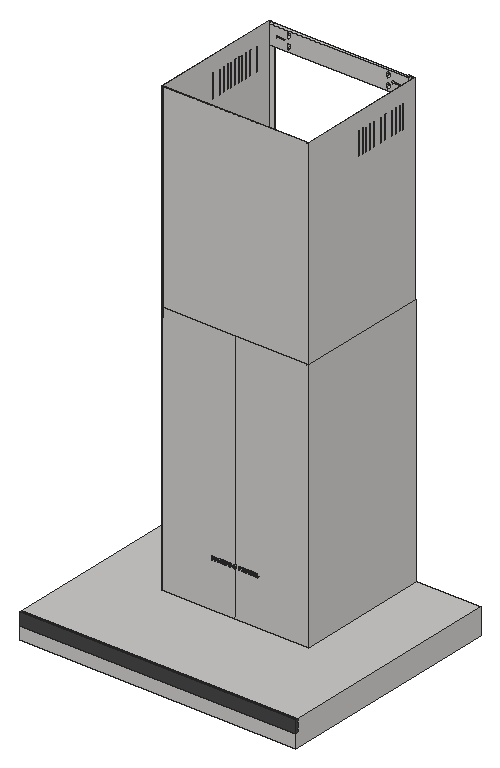
Revit family "FP_Revit_18_HC60DCXB1_Rangehood_90001852A", category Specialty Equipment, Revit 2018
Family settings
  Round Connector Dimension = Use Diameter
  Part Type = Normal
  OmniClass Number = 23.40.40.00
  OmniClass Title = Food Service Equipment and Furnishings
  Work Plane-Based = No
  Always vertical = Yes
  Cut with Voids When Loaded = Yes
  Shared = No
  Room Calculation Point = No
Parameters
  Visibility - Upper Chimney Extension [instance] = yes
  URL = "www.fisherpaykel.com"
  Product - Width = 598 mm  # constant formula
  Product - Height (595mm - 1035mm) [instance] = 1035 mm
  Product - Depth = 500 mm  # constant formula
  Model = "HC60DCXB1"
  Material - Display Panel = Fisher & Paykel - Black
  Material - Body = Fisher & Paykel - Stainless Steel
  Manufacturer = "Fisher & Paykel Appliances"
  FFL Offset [instance] = 1565 mm
  Description = "60cm Rangehood"
  Connector Description - Extraction = "150mm Semi Rigid Rangehood Ducting, 800m³/hr"
  Connector Description - Electrical = "220-240 V, 50 Hz, 370 W"
  Chassis - Width = 320 mm  # constant formula
  Chassis - Height = 604 mm  # constant formula
  Chassis - Depth = 291 mm  # constant formula
Reference planes
  plane 1 "Datum": y = 0
  plane 2: z = 0
  plane 3 "Center (Left/Right)": x = 0
  plane 4 "Product - Height": z = 2600
  plane 5 "Product LHS": x = -299
  plane 6 "Product RHS": x = 299
  plane 7 "Product - Depth": y = -500
  plane 8 "Cavity LHS": x = -160
  plane 9 "Cavity RHS": x = 160
  plane 10 "Chassis - Depth": y = -291
  plane 11 "FFL Offset": z = 1565
Forms (mm)
  Extrusion 1, solid, material "Fisher & Paykel - Stainless Steel" <- "Material - Body"
    sketch origin (0, 0, 0) x (1, 0, 0) y (0, 1, 0)
      loop
        line (-145, 0) -> (-160, 0) -> (-160, -291) -> (0, -291) -> (160, -291) -> (160, 0) -> (145, 0) -> (145, -1) -> (159, -1) -> (159, -290) -> (-159, -290) -> (-159, -1) -> (-145, -1) -> (-145, 0)
    from 1620 to 2169
  Extrusion 2, solid, material "Fisher & Paykel - Stainless Steel" <- "Material - Body", visible <- "Visibility - Upper Chimney Extension"
    sketch origin (0, 0, 0) x (1, 0, 0) y (0, 1, 0)
      loop
        line (-158, -3) -> (-145, -3) -> (-145, -2) -> (-159, -2) -> (-159, -290) -> (159, -290) -> (159, -2) -> (145, -2) -> (145, -3) -> (158, -3) -> (158, -289.044) -> (-158, -289.044) -> (-158, -3)
    from 2149 to 2600
  Extrusion 3, solid, material "Fisher & Paykel - Stainless Steel" <- "Material - Body"
    sketch origin (0, 0, 0) x (1, 0, 0) y (0, 1, 0)
      loop
        line (-299, 0) -> (-299, -500) -> (299, -500) -> (299, 0) -> (-299, 0)
    from 1565 to 1620
  Extrusion 4, void
    sketch origin (0, 0, 0) x (0, 1, 0) y (0, 0, 1)
      loop
        line (-500, 1620) -> (-500, 1592.5) -> (-495, 1592.5) -> (-495, 1620) -> (-500, 1620)
    from -299 to 299
  Extrusion 5, solid, material "Fisher & Paykel - Black" <- "Material - Display Panel", detail levels medium+fine
    sketch origin (0, 0, 1000) x (0, 1, 0) y (0, 0, 1)
      loop
        line (-495, 592.5) -> (-495, 620) -> (-500, 620) -> (-500, 592.5) -> (-495, 592.5)
    from -299 to 299
  Extrusion 6, solid, material "Fisher & Paykel - Stainless Steel" <- "Material - Body"
    sketch origin (0, 0, 0) x (1, 0, 0) y (0, 1, 0)
      loop
        line (159, -1) -> (-159, -1) -> (-159, -290) -> (159, -290) -> (159, -1)
    from 1620 to 1838
  Extrusion 7, solid, material "Fisher & Paykel - Stainless Steel" <- "Material - Body"
    sketch origin (0, 0, 0) x (1, 0, 0) y (0, 1, 0)
      loop
        circle (0, -105) r 75
      loop
        circle (0, -105) r 73
    from 1838 to 1970.269
  Extrusion 8, solid, material "Fisher & Paykel - Stainless Steel" <- "Material - Body"
    sketch origin (0, 0, 0) x (1, 0, 0) y (0, 0, 1)
      loop
        line (-145, 1860) -> (-145, 1838) -> (145, 1838) -> (145, 1860) -> (-145, 1860)
      loop
        line (-127.5, 1851) -> (-127.5, 1849.33)
        arc (-127.5, 1849.33) -> (-125, 1840) -> (-122.5, 1849.33) r 5
        line (-122.5, 1849.33) -> (-122.5, 1851)
        arc (-122.5, 1851) -> (-125, 1853.5) -> (-127.5, 1851) r 2.5
      loop
        line (122.5, 1851) -> (122.5, 1849.33)
        arc (122.5, 1849.33) -> (125, 1840) -> (127.5, 1849.33) r 5
        line (127.5, 1849.33) -> (127.5, 1851)
        arc (127.5, 1851) -> (125, 1853.5) -> (122.5, 1851) r 2.5
    from 0 to 2
  Extrusion 9, solid, material "Fisher & Paykel - Stainless Steel" <- "Material - Body", visible <- "Visibility - Upper Chimney Extension"
    sketch origin (0, 0, 0) x (1, 0, 0) y (0, 0, 1)
      loop
        line (-150, 2558.811) -> (150, 2558.811) -> (150, 2600) -> (-150, 2600) -> (-150, 2558.811)
      loop
        line (104, 2592.5) -> (104, 2588.5)
        arc (104, 2588.5) -> (108, 2584.5) -> (112, 2588.5) r 4
        line (112, 2588.5) -> (112, 2592.5)
        arc (112, 2592.5) -> (108, 2596.5) -> (104, 2592.5) r 4
      loop
        arc (112, 2571.5) -> (108, 2575.5) -> (104, 2571.5) r 4
        line (104, 2571.5) -> (104, 2566.794)
        arc (104, 2566.794) -> (108, 2563.544) -> (112, 2566.794) r 4.087
        line (112, 2566.794) -> (112, 2571.5)
      loop
        arc (117.5, 2582.5) -> (115, 2580) -> (117.5, 2577.5) r 2.5
        line (117.5, 2577.5) -> (132.5, 2577.5)
        arc (132.5, 2577.5) -> (135, 2580) -> (132.5, 2582.5) r 2.5
        line (132.5, 2582.5) -> (117.5, 2582.5)
      loop
        arc (-104, 2592.5) -> (-108, 2596.5) -> (-112, 2592.5) r 4
        line (-112, 2592.5) -> (-112, 2588.5)
        arc (-112, 2588.5) -> (-108, 2584.5) -> (-104, 2588.5) r 4
        line (-104, 2588.5) -> (-104, 2592.5)
      loop
        line (-112, 2571.5) -> (-112, 2566.794)
        arc (-112, 2566.794) -> (-108, 2563.544) -> (-104, 2566.794) r 4.087
        line (-104, 2566.794) -> (-104, 2571.5)
        arc (-104, 2571.5) -> (-108, 2575.5) -> (-112, 2571.5) r 4
      loop
        line (-117.5, 2582.5) -> (-132.5, 2582.5)
        arc (-132.5, 2582.5) -> (-135, 2580) -> (-132.5, 2577.5) r 2.5
        line (-132.5, 2577.5) -> (-117.5, 2577.5)
        arc (-117.5, 2577.5) -> (-115, 2580) -> (-117.5, 2582.5) r 2.5
    from 3 to 9
  Extrusion 10, void
    sketch origin (0, 0, 0) x (0, 1, 0) y (0, 0, 1)
      loop
        line (-157, 2564.417) -> (-157, 2514.417)
        arc (-157, 2514.417) -> (-154.5, 2511.917) -> (-152, 2514.417) r 2.5
        line (-152, 2514.417) -> (-152, 2564.417)
        arc (-152, 2564.417) -> (-154.5, 2566.917) -> (-157, 2564.417) r 2.5
      loop
        line (-147, 2564.417) -> (-147, 2514.417)
        arc (-147, 2514.417) -> (-144.5, 2511.917) -> (-142, 2514.417) r 2.5
        line (-142, 2514.417) -> (-142, 2564.417)
        arc (-142, 2564.417) -> (-144.5, 2566.917) -> (-147, 2564.417) r 2.5
      loop
        line (-137, 2564.417) -> (-137, 2514.417)
        arc (-137, 2514.417) -> (-134.5, 2511.917) -> (-132, 2514.417) r 2.5
        line (-132, 2514.417) -> (-132, 2564.417)
        arc (-132, 2564.417) -> (-134.5, 2566.917) -> (-137, 2564.417) r 2.5
      loop
        line (-127, 2564.417) -> (-127, 2514.417)
        arc (-127, 2514.417) -> (-124.5, 2511.917) -> (-122, 2514.417) r 2.5
        line (-122, 2514.417) -> (-122, 2564.417)
        arc (-122, 2564.417) -> (-124.5, 2566.917) -> (-127, 2564.417) r 2.5
      loop
        line (-117, 2564.417) -> (-117, 2514.417)
        arc (-117, 2514.417) -> (-114.5, 2511.917) -> (-112, 2514.417) r 2.5
        line (-112, 2514.417) -> (-112, 2564.417)
        arc (-112, 2564.417) -> (-114.5, 2566.917) -> (-117, 2564.417) r 2.5
      loop
        line (-107, 2564.417) -> (-107, 2514.417)
        arc (-107, 2514.417) -> (-104.5, 2511.917) -> (-102, 2514.417) r 2.5
        line (-102, 2514.417) -> (-102, 2564.417)
        arc (-102, 2564.417) -> (-104.5, 2566.917) -> (-107, 2564.417) r 2.5
      loop
        line (-97, 2564.417) -> (-97, 2514.417)
        arc (-97, 2514.417) -> (-94.5, 2511.917) -> (-92, 2514.417) r 2.5
        line (-92, 2514.417) -> (-92, 2564.417)
        arc (-92, 2564.417) -> (-94.5, 2566.917) -> (-97, 2564.417) r 2.5
      loop
        line (-87, 2564.417) -> (-87, 2514.417)
        arc (-87, 2514.417) -> (-84.5, 2511.917) -> (-82, 2514.417) r 2.5
        line (-82, 2514.417) -> (-82, 2564.417)
        arc (-82, 2564.417) -> (-84.5, 2566.917) -> (-87, 2564.417) r 2.5
      loop
        line (-77, 2564.417) -> (-77, 2514.417)
        arc (-77, 2514.417) -> (-74.5, 2511.917) -> (-72, 2514.417) r 2.5
        line (-72, 2514.417) -> (-72, 2564.417)
        arc (-72, 2564.417) -> (-74.5, 2566.917) -> (-77, 2564.417) r 2.5
      loop
        line (-67, 2564.417) -> (-67, 2514.417)
        arc (-67, 2514.417) -> (-64.5, 2511.917) -> (-62, 2514.417) r 2.5
        line (-62, 2514.417) -> (-62, 2564.417)
        arc (-62, 2564.417) -> (-64.5, 2566.917) -> (-67, 2564.417) r 2.5
      loop
        line (-57, 2564.417) -> (-57, 2514.417)
        arc (-57, 2514.417) -> (-54.5, 2511.917) -> (-52, 2514.417) r 2.5
        line (-52, 2514.417) -> (-52, 2564.417)
        arc (-52, 2564.417) -> (-54.5, 2566.917) -> (-57, 2564.417) r 2.5
      loop
        line (-47, 2564.417) -> (-47, 2514.417)
        arc (-47, 2514.417) -> (-44.5, 2511.917) -> (-42, 2514.417) r 2.5
        line (-42, 2514.417) -> (-42, 2564.417)
        arc (-42, 2564.417) -> (-44.5, 2566.917) -> (-47, 2564.417) r 2.5
      loop
        line (-37, 2564.417) -> (-37, 2514.417)
        arc (-37, 2514.417) -> (-34.5, 2511.917) -> (-32, 2514.417) r 2.5
        line (-32, 2514.417) -> (-32, 2564.417)
        arc (-32, 2564.417) -> (-34.5, 2566.917) -> (-37, 2564.417) r 2.5
    from -159 to 159
  Extrusion 11, solid, material "Fisher & Paykel - Stainless Steel" <- "Material - Body"
    sketch origin (0, 0, 0) x (1, 0, 0) y (0, 0, 1)
      loop
        line (145, 2141) -> (-145, 2141) -> (-145, 2101) -> (145, 2101) -> (145, 2141)
      loop
        line (125, 2123.5) -> (110, 2123.5)
        arc (110, 2123.5) -> (107.5, 2121) -> (110, 2118.5) r 2.5
        line (110, 2118.5) -> (125, 2118.5)
        arc (125, 2118.5) -> (127.5, 2121) -> (125, 2123.5) r 2.5
      loop
        line (-110, 2123.5) -> (-125, 2123.5)
        arc (-125, 2123.5) -> (-127.5, 2121) -> (-125, 2118.5) r 2.5
        line (-125, 2118.5) -> (-110, 2118.5)
        arc (-110, 2118.5) -> (-107.5, 2121) -> (-110, 2123.5) r 2.5
    from 2 to 9
  Extrusion 12, void
    sketch origin (0, 0, 0) x (1, 0, 0) y (0, 1, 0)
      loop
        line (-258, -400) -> (258, -400) -> (258, -83) -> (-258, -83) -> (-258, -400)
      loop
        circle (115, -45) r 25
      loop
        circle (-115, -45) r 25
    from 1565 to 1574
  Extrusion 13, solid, material "Fisher & Paykel - Stainless Steel" <- "Material - Body", detail levels fine
    sketch origin (0, 0, 0) x (1, 0, 0) y (0, 1, 0)
      loop
        line (258, -83) -> (0.5, -83) -> (0.5, -400) -> (258, -400) -> (258, -83)
      loop
        line (9, -391) -> (110.5, -391) -> (110.5, -347) -> (147.5, -347) -> (147.5, -391) -> (249, -391) -> (249, -92) -> (9, -92) -> (9, -391)
      loop
        line (139.5, -357.5) -> (118.5, -357.5) -> (118.5, -391) -> (139.5, -391) -> (139.5, -357.5)
      loop
        line (118.9, -364.5) -> (118.9, -390.562) -> (139.1, -390.562) -> (139.1, -364.5) -> (118.9, -364.5)
      loop
        line (-258, -83) -> (-258, -400) -> (-0.5, -400) -> (-0.5, -83) -> (-258, -83)
      loop
        line (-9, -391) -> (-9, -92) -> (-249, -92) -> (-249, -391) -> (-147.5, -391) -> (-147.5, -347) -> (-110.5, -347) -> (-110.5, -391) -> (-9, -391)
      loop
        line (-139.5, -357.5) -> (-139.5, -391) -> (-118.5, -391) -> (-118.5, -357.5) -> (-139.5, -357.5)
      loop
        line (-118.9, -364.5) -> (-139.1, -364.5) -> (-139.1, -390.562) -> (-118.9, -390.562) -> (-118.9, -364.5)
    from 1565 to 1574
  Extrusion 14, solid, material "Fisher & Paykel - Aluminium", detail levels medium+fine
    sketch origin (0, 0, 0) x (1, 0, 0) y (0, 1, 0)
      loop
        line (249, -92) -> (9, -92) -> (9, -391) -> (110.5, -391) -> (110.5, -347) -> (147.5, -347) -> (147.5, -391) -> (249, -391) -> (249, -92)
      loop
        line (-249, -92) -> (-249, -391) -> (-147.5, -391) -> (-147.5, -347) -> (-110.5, -347) -> (-110.5, -391) -> (-9, -391) -> (-9, -92) -> (-249, -92)
    from 1565 to 1572
  Extrusion 15, solid, material "Fisher & Paykel - Bezel White", detail levels fine
    sketch origin (0, 0, 0) x (1, 0, 0) y (0, 1, 0)
      loop
        circle (115, -45) r 22
      loop
        circle (-115, -45) r 22
    from 1565 to 1572
  Extrusion 16, solid, material "Fisher & Paykel - Stainless Steel" <- "Material - Body", detail levels fine
    sketch origin (0, 0, 0) x (1, 0, 0) y (0, 1, 0)
      loop
        circle (115, -45) r 22
      loop
        circle (115, -45) r 25
      loop
        circle (-115, -45) r 22
      loop
        circle (-115, -45) r 25
    from 1566 to 1574
  Extrusion 17, solid, material "Fisher & Paykel - Stainless Steel" <- "Material - Body", detail levels medium+fine
    sketch origin (0, 0, 0) x (1, 0, 0) y (0, 1, 0)
      loop
        circle (101, -15) r 4
    from 1838 to 1970.269
Cuts and joins
  Extrusion 4, Extrusion 12 cuts Extrusion 3
  Extrusion 10 cuts Extrusion 2
Text (mm)
  text "Due to ongoing product development, product details are subject to change without notice. \nPlease always refer to www.fisherpaykel.com for the most current product information. \n© Fisher & Paykel 2020" at (41.04, -1225.549, 0), in view "Ref. Level (Plan)"
Dimensions and locks
  equal spacing: plane 5 "Product LHS", plane 3 "Center (Left/Right)", plane 6 "Product RHS"
  equal spacing: plane 8 "Cavity LHS", plane 3 "Center (Left/Right)", plane 9 "Cavity RHS"
  "Chassis - Width": plane 8 "Cavity LHS" to plane 9 "Cavity RHS"
  locked: Extrusion 1 sketch curve to Extrusion 1 sketch curve at 1  (x3)
  locked: Extrusion 2 to Extrusion 2 at 451
  "Product - Depth": plane 7 "Product - Depth" to plane 1 "Datum"
  "FFL Offset": plane 11 "FFL Offset" to level
  Extrusion 9 sketch curve to plane 4 "Product - Height" = 41.189 mm
  Extrusion 9 sketch curve to plane 4 "Product - Height" = 17.5 mm
  "Chassis - Height": Extrusion 1 to plane 11 "FFL Offset"
  plane 11 "FFL Offset" to Extrusion 8 sketch curve = 295 mm
  locked: Extrusion 7 to plane 11 "FFL Offset" at 405.269
  locked: cut or joined group of Extrusion 3, Extrusion 4, Extrusion 12 to plane 11 "FFL Offset" at 9
  locked: Extrusion 14 to plane 11 "FFL Offset" at 7
  locked: Extrusion 5 to plane 11 "FFL Offset" at 27.5
  locked: plane 11 "FFL Offset" to nested 1 at 153.17
  "Product - Height (595mm - 1035mm)": plane 4 "Product - Height" to plane 11 "FFL Offset"
  locked: cut or joined group of Extrusion 3, Extrusion 4, Extrusion 12 to Extrusion 16 at 1
  locked: Extrusion 6 to plane 11 "FFL Offset" at 273
  "Chassis - Depth": plane 1 "Datum" to plane 10 "Chassis - Depth"
  locked: cut or joined group of Extrusion 3, Extrusion 4, Extrusion 12 to plane 11 "FFL Offset" at 55
  locked: Extrusion 9 to plane 4 "Product - Height" at 41.189
  locked: plane 11 "FFL Offset" to Extrusion 11 at 536
  locked: plane 11 "FFL Offset" to Extrusion 11 at 576
  "Product - Width": plane 5 "Product LHS" to plane 6 "Product RHS"
  aligned and locked: level to plane 2
  aligned and locked: Extrusion 1 sketch curve to plane 8 "Cavity LHS"
  aligned and locked: plane 9 "Cavity RHS" to Extrusion 1 sketch curve
  aligned and locked: plane 1 "Datum" to Extrusion 1 sketch curve  (x2)
  aligned and locked: plane 10 "Chassis - Depth" to Extrusion 1 sketch curve
  aligned and locked: plane 6 "Product RHS" to Extrusion 3 sketch curve
  aligned and locked: plane 1 "Datum" to Extrusion 3 sketch curve
  aligned and locked: Extrusion 3 sketch curve to plane 5 "Product LHS"
  aligned and locked: plane 7 "Product - Depth" to Extrusion 3 sketch curve
  aligned and locked: plane 7 "Product - Depth" to Extrusion 4 sketch curve
  aligned and locked: Extrusion 4 sketch curve to cut or joined group of Extrusion 3, Extrusion 4, Extrusion 12
  aligned and locked: Extrusion 4 to plane 6 "Product RHS"
  aligned and locked: plane 5 "Product LHS" to Extrusion 4
  aligned and locked: cut or joined group of Extrusion 3, Extrusion 4, Extrusion 12 to Extrusion 5
  aligned and locked: Extrusion 5 to cut or joined group of Extrusion 3, Extrusion 4, Extrusion 12
  aligned and locked: Extrusion 1 to Extrusion 6
  aligned and locked: Extrusion 7 to Extrusion 6
  aligned and locked: plane 4 "Product - Height" to Extrusion 2
  aligned and locked: Extrusion 10 to Extrusion 1  (x2)
  aligned and locked: plane 4 "Product - Height" to Extrusion 9
  aligned and locked: Extrusion 9 sketch curve to Extrusion 9 sketch curve
  aligned and locked: Extrusion 3 to plane 11 "FFL Offset"
  aligned and locked: Extrusion 6 to cut or joined group of Extrusion 3, Extrusion 4, Extrusion 12
  aligned and locked: Extrusion 3 to Extrusion 12
  aligned and locked: cut or joined group of Extrusion 3, Extrusion 4, Extrusion 12 to Extrusion 13  (x2)
  aligned and locked: cut or joined group of Extrusion 3, Extrusion 4, Extrusion 12 to Extrusion 14
  aligned and locked: Extrusion 15 to Extrusion 14
  aligned and locked: cut or joined group of Extrusion 3, Extrusion 4, Extrusion 12 to Extrusion 15
  aligned and locked: Extrusion 4 to Extrusion 5
  aligned and locked: Extrusion 1 to Extrusion 5
  aligned and locked: Extrusion 16 to cut or joined group of Extrusion 3, Extrusion 4, Extrusion 12
  aligned and locked: Extrusion 17 to Extrusion 6
  aligned and locked: Extrusion 17 to Extrusion 7
  aligned and locked: cut or joined group of Extrusion 2, Extrusion 10 to Extrusion 9
Automatic sketch dimensions
  Extrusion 1 sketch curve to plane 3 "Center (Left/Right)" = 0 mm
  plane 1 "Datum" to Extrusion 1 sketch curve = 1 mm  (x2)
  Extrusion 1 sketch curve to Extrusion 1 sketch curve = 14 mm
  plane 9 "Cavity RHS" to Extrusion 1 sketch curve = 15 mm
  plane 7 "Product - Depth" to Extrusion 4 sketch curve = 5 mm
  level to Extrusion 4 sketch curve = 1592.5 mm
  Extrusion 5 sketch curve to Extrusion 5 sketch curve = 27.5 mm
  Extrusion 6 sketch curve to plane 8 "Cavity LHS" = 1 mm
  plane 9 "Cavity RHS" to Extrusion 6 sketch curve = 1 mm
  plane 10 "Chassis - Depth" to Extrusion 6 sketch curve = 1 mm
  plane 1 "Datum" to Extrusion 6 sketch curve = 1 mm
  Extrusion 2 sketch curve to plane 8 "Cavity LHS" = 1 mm
  Extrusion 2 sketch curve to Extrusion 2 sketch curve = 1 mm  (x3)
  plane 1 "Datum" to Extrusion 2 sketch curve = 3 mm  (x2)
  Extrusion 2 sketch curve to Extrusion 2 sketch curve = 13 mm
  plane 9 "Cavity RHS" to Extrusion 2 sketch curve = 15 mm
  plane 9 "Cavity RHS" to Extrusion 2 sketch curve = 2 mm
  plane 9 "Cavity RHS" to Extrusion 2 sketch curve = 1 mm
  plane 10 "Chassis - Depth" to Extrusion 2 sketch curve = 1.956 mm
  plane 10 "Chassis - Depth" to Extrusion 2 sketch curve = 1 mm
  Extrusion 10 sketch curve to plane 4 "Product - Height" = 85.583 mm  (x2)
  plane 1 "Datum" to Extrusion 10 sketch curve = 157 mm
  Extrusion 10 sketch curve to Extrusion 10 sketch curve = 2.5 mm  (x13)
  Extrusion 10 sketch curve to Extrusion 10 sketch curve = 5 mm  (x12)
  Extrusion 10 sketch curve to Extrusion 10 sketch curve = 0 mm  (x23)
  Extrusion 10 sketch curve to plane 4 "Product - Height" = 35.583 mm
  Extrusion 11 sketch curve to plane 5 "Product LHS" = 154 mm
  Extrusion 11 sketch curve to Extrusion 11 sketch curve = 20 mm  (x2)
  Extrusion 11 sketch curve to Extrusion 11 sketch curve = 15 mm  (x2)
  Extrusion 11 sketch curve to plane 8 "Cavity LHS" = 270 mm
  Extrusion 11 sketch curve to Extrusion 11 sketch curve = 17.5 mm  (x3)
  Extrusion 11 sketch curve to Extrusion 11 sketch curve = 2.5 mm  (x2)
  Extrusion 5 sketch curve to Extrusion 5 sketch curve = 5 mm
  Extrusion 5 sketch curve to plane 7 "Product - Depth" = 0 mm
  plane 11 "FFL Offset" to Extrusion 5 sketch curve = 27.5 mm
  Extrusion 15 sketch curve to plane 8 "Cavity LHS" = 45 mm
  plane 9 "Cavity RHS" to Extrusion 15 sketch curve = 45 mm
  plane 1 "Datum" to Extrusion 15 sketch curve = 45 mm  (x2)
  Extrusion 16 sketch curve to Extrusion 16 sketch curve = 0 mm  (x4)
  Extrusion 16 sketch curve to plane 8 "Cavity LHS" = 45 mm
  plane 9 "Cavity RHS" to Extrusion 16 sketch curve = 45 mm
  plane 1 "Datum" to Extrusion 16 sketch curve = 45 mm  (x2)
  Extrusion 7 sketch curve to Extrusion 7 sketch curve = 0 mm  (x2)
  Extrusion 7 sketch curve to plane 3 "Center (Left/Right)" = 0 mm
  plane 1 "Datum" to Extrusion 7 sketch curve = 105 mm
  Extrusion 8 sketch curve to plane 8 "Cavity LHS" = 15 mm
  Extrusion 8 sketch curve to Extrusion 8 sketch curve = 17.5 mm
  Extrusion 8 sketch curve to Extrusion 8 sketch curve = 2.5 mm  (x4)
  plane 9 "Cavity RHS" to Extrusion 8 sketch curve = 37.5 mm
  plane 9 "Cavity RHS" to Extrusion 8 sketch curve = 15 mm
  Extrusion 8 sketch curve to Extrusion 8 sketch curve = 9 mm  (x2)
  Extrusion 8 sketch curve to Extrusion 8 sketch curve = 1.67 mm  (x2)
  Extrusion 8 sketch curve to Extrusion 8 sketch curve = 4.33 mm  (x2)
  Extrusion 8 sketch curve to Extrusion 8 sketch curve = 11.33 mm
  plane 1 "Datum" to Extrusion 17 sketch curve = 15 mm
  plane 9 "Cavity RHS" to Extrusion 17 sketch curve = 59 mm
  Extrusion 9 sketch curve to plane 4 "Product - Height" = 0 mm
  Extrusion 9 sketch curve to plane 8 "Cavity LHS" = 10 mm
  Extrusion 9 sketch curve to Extrusion 9 sketch curve = 17.5 mm
  Extrusion 9 sketch curve to Extrusion 9 sketch curve = 15 mm  (x2)
  Extrusion 9 sketch curve to Extrusion 9 sketch curve = 5.5 mm  (x3)
  Extrusion 9 sketch curve to Extrusion 9 sketch curve = 4 mm  (x6)
  Extrusion 9 sketch curve to Extrusion 9 sketch curve = 0 mm  (x3)
  Extrusion 9 sketch curve to plane 4 "Product - Height" = 11.5 mm
  plane 9 "Cavity RHS" to Extrusion 9 sketch curve = 56 mm
  plane 9 "Cavity RHS" to Extrusion 9 sketch curve = 10 mm
  Extrusion 9 sketch curve to Extrusion 9 sketch curve = 21.706 mm
  Extrusion 9 sketch curve to Extrusion 9 sketch curve = 15.706 mm
  Extrusion 9 sketch curve to Extrusion 9 sketch curve = 0.837 mm  (x2)
  Extrusion 9 sketch curve to Extrusion 9 sketch curve = 3.87 mm
  Extrusion 9 sketch curve to Extrusion 9 sketch curve = 4.706 mm
  Extrusion 9 sketch curve to Extrusion 9 sketch curve = 5 mm
  Extrusion 9 sketch curve to Extrusion 9 sketch curve = 2.5 mm
  Extrusion 9 sketch curve to Extrusion 9 sketch curve = 6 mm
  Extrusion 11 sketch curve to plane 4 "Product - Height" = 499 mm
  Extrusion 13 sketch curve to plane 5 "Product LHS" = 41 mm
  Extrusion 13 sketch curve to Extrusion 13 sketch curve = 9 mm  (x6)
  Extrusion 13 sketch curve to plane 8 "Cavity LHS" = 12.5 mm
  Extrusion 13 sketch curve to Extrusion 13 sketch curve = 8 mm  (x3)
  Extrusion 13 sketch curve to Extrusion 13 sketch curve = 0.4 mm  (x4)
  Extrusion 13 sketch curve to Extrusion 13 sketch curve = 20.2 mm  (x2)
  Extrusion 13 sketch curve to plane 3 "Center (Left/Right)" = 9 mm
  Extrusion 13 sketch curve to plane 3 "Center (Left/Right)" = 0.5 mm
  plane 3 "Center (Left/Right)" to Extrusion 13 sketch curve = 0.5 mm
  plane 3 "Center (Left/Right)" to Extrusion 13 sketch curve = 9 mm
  plane 9 "Cavity RHS" to Extrusion 13 sketch curve = 49.5 mm
  plane 9 "Cavity RHS" to Extrusion 13 sketch curve = 12.5 mm
  plane 6 "Product RHS" to Extrusion 13 sketch curve = 50 mm
  plane 7 "Product - Depth" to Extrusion 13 sketch curve = 100 mm  (x2)
  Extrusion 13 sketch curve to Extrusion 13 sketch curve = 0 mm  (x4)
  Extrusion 13 sketch curve to Extrusion 13 sketch curve = 0.438 mm  (x2)
  Extrusion 13 sketch curve to Extrusion 13 sketch curve = 26.062 mm  (x2)
  Extrusion 13 sketch curve to Extrusion 13 sketch curve = 7 mm  (x2)
  Extrusion 13 sketch curve to Extrusion 13 sketch curve = 10.5 mm  (x2)
  plane 1 "Datum" to Extrusion 13 sketch curve = 92 mm  (x2)
  Extrusion 12 sketch curve to plane 5 "Product LHS" = 41 mm
  Extrusion 12 sketch curve to plane 8 "Cavity LHS" = 45 mm
  plane 9 "Cavity RHS" to Extrusion 12 sketch curve = 45 mm
  plane 6 "Product RHS" to Extrusion 12 sketch curve = 41 mm
  plane 7 "Product - Depth" to Extrusion 12 sketch curve = 100 mm
  plane 1 "Datum" to Extrusion 12 sketch curve = 83 mm
  plane 1 "Datum" to Extrusion 12 sketch curve = 45 mm  (x2)
  Extrusion 14 sketch curve to plane 5 "Product LHS" = 50 mm
  Extrusion 14 sketch curve to plane 8 "Cavity LHS" = 12.5 mm
  Extrusion 14 sketch curve to Extrusion 14 sketch curve = 37 mm
  Extrusion 14 sketch curve to plane 3 "Center (Left/Right)" = 9 mm
  plane 3 "Center (Left/Right)" to Extrusion 14 sketch curve = 9 mm
  plane 9 "Cavity RHS" to Extrusion 14 sketch curve = 49.5 mm
  plane 9 "Cavity RHS" to Extrusion 14 sketch curve = 12.5 mm
  plane 6 "Product RHS" to Extrusion 14 sketch curve = 50 mm
  Extrusion 14 sketch curve to plane 10 "Chassis - Depth" = 100 mm  (x2)
  Extrusion 14 sketch curve to Extrusion 14 sketch curve = 0 mm  (x2)
  Extrusion 14 sketch curve to Extrusion 14 sketch curve = 44 mm  (x2)
  plane 1 "Datum" to Extrusion 14 sketch curve = 92 mm  (x2)
  radius of Extrusion 15 sketch curve = 22 mm  (x2)
  radius of Extrusion 16 sketch curve = 22 mm  (x2)
  radius of Extrusion 16 sketch curve = 25 mm  (x2)
  radius of Extrusion 7 sketch curve = 73 mm
  radius of Extrusion 7 sketch curve = 75 mm
  radius of Extrusion 17 sketch curve = 4 mm
  radius of Extrusion 12 sketch curve = 25 mm  (x2)
Nested families
  nested 1: "F&P Logo 100mm" at (0.236, -291, 1718.279), type "Grey"
Connectors
  hvac at (0, -105, 1970.269), driven by "Connector Description - Extraction"
    settings: on Extrusion 7, index 1, duct flow 0.0 L/s, flow factor 0, pres drop 0.0 Pa, loss coef 0, conn angle 0.00°, conn width 304.8 mm, conn height 304.8 mm, conn diameter 150 mm, duct sys type 3, conn prof type 0, flow config 0, flow direction 2, loss method 0, conn ref index -1, conn util no, is conn primary yes, conn desc "150mm Semi Rigid Rangehood Ducting, 800m³/hr"
  electrical at (101, -15, 1970.269), driven by "Connector Description - Electrical"
    settings: on Extrusion 17, index 2, voltage 230 V, apparent load 0 VA, apparent load phase1 0 VA, apparent load phase2 0 VA, apparent load phase3 0 VA, power factor 1, load classification "Other", number of poles 1, system type 30, power factor state 1, is connector primary yes, connector utility no, sub classification motor no, connector description "220-240 V, 50 Hz, 370 W"
Definition of nested family "F&P Logo 100mm"
  Parameters (values of type "Chrome")
    URL = "www.fisherpaykel.com"
    Material - Logo = none
    Manufacturer = "Fisher & Paykel Appliances"
  Types (3): name
    (no name)
    Chrome
    Grey
  Reference planes
    plane 1 "Center (Front/Back)": y = 0
    plane 2: z = 0
    plane 3 "Center (Left/Right)": x = 0
  Forms (mm)
    Extrusion 1, solid, material <- "Material - Logo", detail levels fine
      sketch origin (0, 0, 0) x (1, 0, 0) y (0, 0, 1)
        loop
          line (-50.044, 0) -> (-48.47, 0) -> (-48.47, 2.138) -> (-46.011, 2.138) -> (-46.011, 3.472) -> (-48.47, 3.472) -> (-48.47, 4.712) -> (-45.795, 4.712) -> (-45.795, 6.04) -> (-50.044, 6.04) -> (-50.044, 0)
        loop
          line (-42.804, 6.04) -> (-42.804, 0) -> (-41.23, 0) -> (-41.23, 6.04) -> (-42.804, 6.04)
        loop
          line (-30.724, 6.04) -> (-30.724, 0) -> (-29.151, 0) -> (-29.151, 2.42) -> (-26.839, 2.42) -> (-26.839, 0) -> (-25.265, 0) -> (-25.265, 6.04) -> (-26.839, 6.04) -> (-26.839, 3.748) -> (-29.151, 3.748) -> (-29.151, 6.04) -> (-30.724, 6.04)
        loop
          line (-21.906, 6.04) -> (-21.906, 0) -> (-17.602, 0) -> (-17.602, 1.328) -> (-20.347, 1.328) -> (-20.347, 2.42) -> (-17.838, 2.42) -> (-17.838, 3.748) -> (-20.347, 3.748) -> (-20.347, 4.712) -> (-17.602, 4.712) -> (-17.602, 6.04) -> (-21.906, 6.04)
        loop
          line (45.667, 6.04) -> (45.667, 0) -> (49.956, 0) -> (49.956, 1.328) -> (47.241, 1.328) -> (47.241, 6.04) -> (45.667, 6.04)
        loop
          line (42.431, 6.04) -> (38.112, 6.04) -> (38.112, 0) -> (42.431, 0) -> (42.431, 1.328) -> (39.687, 1.328) -> (39.687, 2.42) -> (42.195, 2.42) -> (42.195, 3.748) -> (39.687, 3.748) -> (39.687, 4.712) -> (42.431, 4.712) -> (42.431, 6.04)
        loop
          line (33.451, 3.148) -> (35.683, 6.04) -> (33.844, 6.04) -> (31.915, 3.542) -> (31.915, 6.04) -> (30.342, 6.04) -> (30.342, 0) -> (31.915, 0) -> (31.915, 2.705) -> (33.903, 0) -> (35.763, 0) -> (33.451, 3.148)
        loop
          line (21.98, 6.04) -> (24.262, 2.42) -> (24.262, 0) -> (25.837, 0) -> (25.837, 2.341) -> (28.119, 6.04) -> (26.446, 6.04) -> (25.099, 3.707) -> (23.753, 6.04) -> (21.98, 6.04)
        loop
          line (18.479, 6.04) -> (16.983, 6.04) -> (14.524, 0) -> (16.069, 0) -> (16.501, 1.112) -> (18.921, 1.112) -> (19.354, 0) -> (20.938, 0) -> (18.479, 6.04)
        loop
          line (18.4, 2.439) -> (17.693, 4.174) -> (17.018, 2.439) -> (18.4, 2.439)
        loop
          line (8.031, 6.04) -> (8.031, 0) -> (9.605, 0) -> (9.605, 1.938) -> (10.599, 1.938)
          arc (10.599, 1.938) -> (12.65, 3.989) -> (10.599, 6.04) r 2.051
          line (10.599, 6.04) -> (8.031, 6.04)
        loop
          line (9.605, 4.712) -> (9.605, 3.197) -> (10.501, 3.197)
          arc (10.501, 3.197) -> (11.259, 3.954) -> (10.501, 4.712) r 0.757
          line (10.501, 4.712) -> (9.605, 4.712)
        loop
          line (-11.783, 6.04) -> (-14.366, 6.04) -> (-14.366, 0) -> (-12.792, 0) -> (-12.792, 1.336) -> (-11.992, 1.336) -> (-10.972, 0) -> (-9.153, 0) -> (-10.694, 1.973)
          arc (-10.694, 1.973) -> (-9.678, 4.424) -> (-11.783, 6.04) r 2.179
        loop
          line (-11.897, 4.712) -> (-12.792, 4.712) -> (-12.792, 3.053) -> (-11.897, 3.053)
          arc (-11.897, 3.053) -> (-11.068, 3.882) -> (-11.897, 4.712) r 0.83
        loop
          line (0.477, 4.712) -> (0.477, 6.153) -> (-3.575, 6.153) -> (-3.575, 4.851) -> (-2.974, 4.112)
          arc (-2.974, 4.112) -> (-3.51, 0.684) -> (-0.045, 0.512) r 2.334
          line (-0.045, 0.512) -> (0.46, -0.109) -> (2.246, -0.109) -> (0.86, 1.594) -> (2.061, 3.324) -> (0.443, 3.324) -> (-0.013, 2.667) -> (-1.677, 4.712) -> (0.477, 4.712)
        loop
          arc (-2.125, 3.068) -> (-2.269, 1.668) -> (-0.868, 1.524) r 0.996
          line (-0.868, 1.524) -> (-2.125, 3.068)
        loop
          line (-35.18, 3.634) -> (-36.516, 3.91)
          arc (-36.516, 3.91) -> (-37.049, 4.443) -> (-36.516, 4.976) r 0.533
          arc (-36.516, 4.976) -> (-35.235, 4.79) -> (-34.059, 4.248) r 4.505
          line (-34.059, 4.248) -> (-34.059, 5.743)
          arc (-34.059, 5.743) -> (-35.549, 6.179) -> (-37.1, 6.109) r 4.726
          arc (-37.1, 6.109) -> (-38.536, 4.335) -> (-37.1, 2.561) r 1.814
          line (-37.1, 2.561) -> (-35.754, 2.282)
          arc (-35.754, 2.282) -> (-35.221, 1.749) -> (-35.754, 1.216) r 0.533
          arc (-35.754, 1.216) -> (-37.035, 1.402) -> (-38.211, 1.945) r 4.505
          line (-38.211, 1.945) -> (-38.211, 0.449)
          arc (-38.211, 0.449) -> (-36.72, 0.013) -> (-35.169, 0.083) r 4.726
          arc (-35.169, 0.083) -> (-33.734, 1.863) -> (-35.18, 3.634) r 1.814
      from 0 to 0.8
  Dimensions and locks
    aligned and locked: level to plane 2
